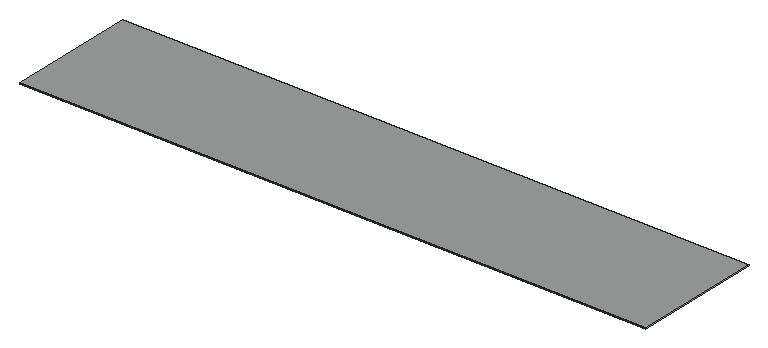
Revit family "Door_Protection-Construction_Specialties-Kick_Plate-KP-40N-60N", category Specialty Equipment, host Face, Revit 2017
Family settings
  Host = Face
  Round Connector Dimension = Use Diameter
  Part Type = Normal
  OmniClass Number = 23.30.10.11.34
  OmniClass Title = Door Accessories
  Cut with Voids When Loaded = No
  Shared = No
  Room Calculation Point = No
Parameters (values of type "KP-40N")
  Width [instance] = 2' - 10"
  URL = "https://www.c-sgroup.com/"
  Thickness = if([40N], 0' 0 5/128", 0' 0 15/256")  # 0' - 0 5/128"
  Product Page URL = "https://www.c-sgroup.com/acrovyn-wall-protection/door-and-frame-protection/acrovyn-kickpush-plates"
  Product Documentation Link = "https://www.c-sgroup.com/files/tech-center/acrovyn/cad/pdf/kpn.pdf"
  Model = "KP-40N"
  Material Note [instance] = "Acrovyn Charcoal is 40N standard and Polycarbonate is 60N standard, but Stainless Steel is available for both."  # constant formula
  Manufacturer = "Construction Specialties"
  Height [instance] = 0' - 7"
  Description = "Acrovyn Kick Plate"
  Default Elevation = 4' - 0"
  Cover Finish [instance] = Plastic - Construction Specialties - Acrovym - Suede - 162 Charcoal
  Clearance Note [instance] = "1 inch clearance typical for both sides of door"  # constant formula
  Assembly Code = "C1020410"
  60N = no
  40N = yes
Types (2): name | Width | Thickness | Model | Cover Finish | 60N | 40N
  KP-40N | 2' - 10" | 0' - 0 5/128" | "KP-40N" | Plastic - Construction Specialties - Acrovym - Suede - 162 Charcoal | no | yes
  KP-60N | 1' - 11" | 0' - 0 15/256" | "KP-60N" | Plastic - Construction Specialties - Polycarbonate, Clear | yes | no
Reference planes (in)
  plane 1 "Center (Front/Back)": y = 0
  plane 2 "Base": z = 0
  plane 3 "Center (Left/Right)": x = 0
  plane 4 "Base Plate": z = 0.03906
Forms (in)
  Extrusion 1, solid, material "Plastic - Construction Specialties - Acrovym - Suede - 162 Charcoal" <- "Cover Finish"
    sketch origin (0, 0, 0) x (1, 0, 0) y (0, 1, 0)
      loop
        line (0, 0) -> (34, 0) -> (34, 7) -> (0, 7) -> (0, 0)
    from 0 to 0.03906
Dimensions and locks (in)
  "Thickness": plane 2 "Base" to plane 4 "Base Plate"
  "Height": Extrusion 1 to Extrusion 1
  "Width": Extrusion 1 to Extrusion 1
  aligned and locked: plane 2 "Base" to host face
  aligned and locked: level to host face
  aligned and locked: plane 4 "Base Plate" to Extrusion 1
Automatic sketch dimensions
  host sketch curve to host sketch curve = 8' - 0"  (x2)
  Extrusion 1 sketch curve to plane 3 "Center (Left/Right)" = 0' - 0"
  plane 1 "Center (Front/Back)" to Extrusion 1 sketch curve = 0' - 0"
  Extrusion 1 sketch curve to plane 1 "Center (Front/Back)" = 0' - 7"
  Extrusion 1 sketch curve to Extrusion 1 sketch curve = 2' - 10"
